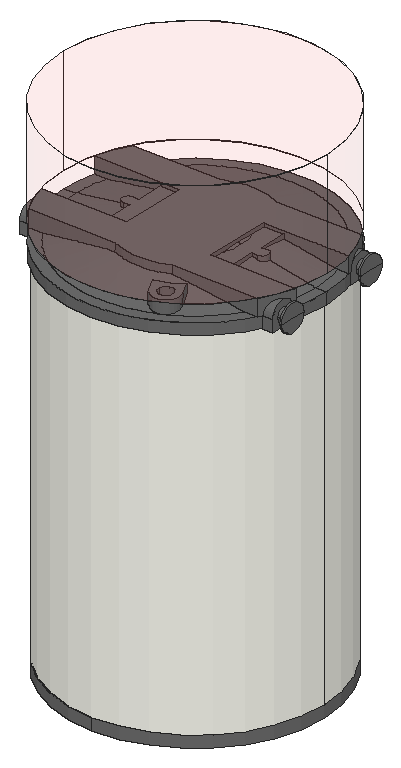
Revit family "Cooling_Plant-Accessories-Calmac-IceBank-Model-1220C2F", category Mechanical Equipment, Revit 2014 (continued)
Definition of nested family "Cooling_Plant_Accessories-Calmac-IceBank-Lid_C"
  Dimensions and locks (in)
    aligned and locked: curve 122 to cut or joined group of Revolve 1, Extrusion 2, Extrusion 4, Extrusion 5
    aligned and locked: curve 123 to cut or joined group of Revolve 1, Extrusion 2, Extrusion 4, Extrusion 5
    aligned and locked: curve 124 to cut or joined group of Revolve 1, Extrusion 2, Extrusion 4, Extrusion 5
    aligned and locked: curve 125 to cut or joined group of Revolve 1, Extrusion 2, Extrusion 4, Extrusion 5
    aligned and locked: curve 126 to cut or joined group of Revolve 1, Extrusion 2, Extrusion 4, Extrusion 5
    aligned and locked: curve 127 to cut or joined group of Revolve 1, Extrusion 2, Extrusion 4, Extrusion 5
    aligned and locked: curve 128 to cut or joined group of Revolve 1, Extrusion 2, Extrusion 4, Extrusion 5
    aligned and locked: curve 129 to cut or joined group of Revolve 1, Extrusion 2, Extrusion 4, Extrusion 5
    aligned and locked: curve 130 to cut or joined group of Revolve 1, Extrusion 2, Extrusion 4, Extrusion 5
    aligned and locked: curve 131 to cut or joined group of Revolve 1, Extrusion 2, Extrusion 4, Extrusion 5
    aligned and locked: curve 132 to cut or joined group of Revolve 1, Extrusion 2, Extrusion 4, Extrusion 5
    aligned and locked: curve 133 to cut or joined group of Revolve 1, Extrusion 2, Extrusion 4, Extrusion 5
    aligned and locked: curve 134 to cut or joined group of Revolve 1, Extrusion 2, Extrusion 4, Extrusion 5
    aligned and locked: curve 135 to cut or joined group of Revolve 1, Extrusion 2, Extrusion 4, Extrusion 5
    aligned and locked: curve 136 to cut or joined group of Revolve 1, Extrusion 2, Extrusion 4, Extrusion 5
    aligned and locked: curve 137 to cut or joined group of Revolve 1, Extrusion 2, Extrusion 4, Extrusion 5
    aligned and locked: curve 138 to cut or joined group of Revolve 1, Extrusion 2, Extrusion 4, Extrusion 5
    aligned and locked: curve 139 to cut or joined group of Revolve 1, Extrusion 2, Extrusion 4, Extrusion 5
    aligned and locked: curve 140 to cut or joined group of Revolve 1, Extrusion 2, Extrusion 4, Extrusion 5
    aligned and locked: curve 141 to cut or joined group of Revolve 1, Extrusion 2, Extrusion 4, Extrusion 5
    aligned and locked: curve 142 to cut or joined group of Revolve 1, Extrusion 2, Extrusion 4, Extrusion 5
    aligned and locked: curve 143 to cut or joined group of Revolve 1, Extrusion 2, Extrusion 4, Extrusion 5
    aligned and locked: curve 144 to cut or joined group of Revolve 1, Extrusion 2, Extrusion 4, Extrusion 5
    aligned and locked: curve 145 to cut or joined group of Revolve 1, Extrusion 2, Extrusion 4, Extrusion 5
    aligned and locked: curve 146 to cut or joined group of Revolve 1, Extrusion 2, Extrusion 4, Extrusion 5
    aligned and locked: curve 147 to cut or joined group of Revolve 1, Extrusion 2, Extrusion 4, Extrusion 5
    aligned and locked: curve 148 to cut or joined group of Revolve 1, Extrusion 2, Extrusion 4, Extrusion 5
    aligned and locked: cut or joined group of Revolve 1, Extrusion 2, Extrusion 4, Extrusion 5 to curve 149
    aligned and locked: curve 150 to cut or joined group of Revolve 1, Extrusion 2, Extrusion 4, Extrusion 5
    aligned and locked: curve 151 to cut or joined group of Revolve 1, Extrusion 2, Extrusion 4, Extrusion 5
    aligned and locked: cut or joined group of Revolve 1, Extrusion 2, Extrusion 4, Extrusion 5 to curve 152
    aligned and locked: curve 153 to cut or joined group of Revolve 1, Extrusion 2, Extrusion 4, Extrusion 5
    aligned and locked: curve 154 to cut or joined group of Revolve 1, Extrusion 2, Extrusion 4, Extrusion 5
    aligned and locked: curve 155 to cut or joined group of Revolve 1, Extrusion 2, Extrusion 4, Extrusion 5
    aligned and locked: curve 156 to cut or joined group of Revolve 1, Extrusion 2, Extrusion 4, Extrusion 5
    aligned and locked: curve 157 to cut or joined group of Revolve 1, Extrusion 2, Extrusion 4, Extrusion 5
    aligned and locked: curve 158 to cut or joined group of Revolve 1, Extrusion 2, Extrusion 4, Extrusion 5
    aligned and locked: curve 159 to cut or joined group of Revolve 1, Extrusion 2, Extrusion 4, Extrusion 5
    aligned and locked: curve 160 to cut or joined group of Revolve 1, Extrusion 2, Extrusion 4, Extrusion 5
    aligned and locked: curve 161 to cut or joined group of Revolve 1, Extrusion 2, Extrusion 4, Extrusion 5
    aligned and locked: curve 162 to cut or joined group of Revolve 1, Extrusion 2, Extrusion 4, Extrusion 5
    aligned and locked: curve 163 to cut or joined group of Revolve 1, Extrusion 2, Extrusion 4, Extrusion 5
    aligned and locked: curve 164 to cut or joined group of Revolve 1, Extrusion 2, Extrusion 4, Extrusion 5
    aligned and locked: curve 127 to curve 165
    aligned and locked: plane 19 "Rigging Front" to curve 166
    aligned and locked: plane 9 "Rigging Back" to curve 166
    aligned and locked: curve 121 to curve 167
    aligned and locked: plane 19 "Rigging Front" to curve 168
    aligned and locked: plane 9 "Rigging Back" to curve 168
    aligned and locked: plane 8 "Piping Back" to curve 167  (x2)
    aligned and locked: Masking region 3 sketch curve to plane 5 "Back Connector Back"
    aligned and locked: Masking region 3 sketch curve to plane 44 "Connection Sleeve Left"
    aligned and locked: plane 45 "Connection Sleeve Right" to Masking region 3 sketch curve
    aligned and locked: plane 15 "Front Connection Front" to Masking region 3 sketch curve
    aligned and locked: curve 169 to cut or joined group of Revolve 1, Extrusion 2, Extrusion 4, Extrusion 5
    aligned and locked: curve 170 to cut or joined group of Revolve 1, Extrusion 2, Extrusion 4, Extrusion 5
    aligned and locked: curve 171 to curve 169
    aligned and locked: curve 172 to curve 170
    aligned and locked: curve 173 to cut or joined group of Revolve 1, Extrusion 2, Extrusion 4, Extrusion 5
    aligned and locked: curve 174 to cut or joined group of Revolve 1, Extrusion 2, Extrusion 4, Extrusion 5
    aligned and locked: curve 175 to cut or joined group of Revolve 1, Extrusion 2, Extrusion 4, Extrusion 5
    aligned and locked: curve 176 to cut or joined group of Revolve 1, Extrusion 2, Extrusion 4, Extrusion 5
    aligned and locked: curve 177 to cut or joined group of Revolve 1, Extrusion 2, Extrusion 4, Extrusion 5
    aligned and locked: curve 178 to cut or joined group of Revolve 1, Extrusion 2, Extrusion 4, Extrusion 5
    aligned and locked: curve 179 to cut or joined group of Revolve 1, Extrusion 2, Extrusion 4, Extrusion 5
    aligned and locked: curve 180 to cut or joined group of Revolve 1, Extrusion 2, Extrusion 4, Extrusion 5
    aligned and locked: cut or joined group of Revolve 1, Extrusion 2, Extrusion 4, Extrusion 5 to curve 181
    aligned and locked: curve 182 to cut or joined group of Revolve 1, Extrusion 2, Extrusion 4, Extrusion 5
    aligned and locked: curve 183 to cut or joined group of Revolve 1, Extrusion 2, Extrusion 4, Extrusion 5
    aligned and locked: curve 184 to cut or joined group of Revolve 1, Extrusion 2, Extrusion 4, Extrusion 5
    aligned and locked: curve 185 to cut or joined group of Revolve 1, Extrusion 2, Extrusion 4, Extrusion 5
    aligned and locked: curve 186 to cut or joined group of Revolve 1, Extrusion 2, Extrusion 4, Extrusion 5
    aligned and locked: curve 187 to cut or joined group of Revolve 1, Extrusion 2, Extrusion 4, Extrusion 5
    aligned and locked: curve 188 to cut or joined group of Revolve 1, Extrusion 2, Extrusion 4, Extrusion 5
    aligned and locked: curve 189 to cut or joined group of Revolve 1, Extrusion 2, Extrusion 4, Extrusion 5
    aligned and locked: curve 190 to cut or joined group of Revolve 1, Extrusion 2, Extrusion 4, Extrusion 5
    aligned and locked: cut or joined group of Revolve 1, Extrusion 2, Extrusion 4, Extrusion 5 to curve 191
    aligned and locked: cut or joined group of Revolve 1, Extrusion 2, Extrusion 4, Extrusion 5 to curve 192
    aligned and locked: cut or joined group of Revolve 1, Extrusion 2, Extrusion 4, Extrusion 5 to curve 193
    aligned and locked: cut or joined group of Revolve 1, Extrusion 2, Extrusion 4, Extrusion 5 to curve 194
    aligned and locked: curve 195 to cut or joined group of Revolve 1, Extrusion 2, Extrusion 4, Extrusion 5
    aligned and locked: cut or joined group of Revolve 1, Extrusion 2, Extrusion 4, Extrusion 5 to curve 196
    aligned and locked: curve 197 to cut or joined group of Revolve 1, Extrusion 2, Extrusion 4, Extrusion 5
    aligned and locked: cut or joined group of Revolve 1, Extrusion 2, Extrusion 4, Extrusion 5 to curve 198
    aligned and locked: plane 6 "Back Connector Center" to nested 4
    aligned and locked: nested 4 to plane 44 "Connection Sleeve Left"
    aligned and locked: nested 1 to plane 6 "Back Connector Center"
    aligned and locked: nested 1 to plane 45 "Connection Sleeve Right"
    aligned and locked: plane 16 "Fron Connector Center" to nested 2
    aligned and locked: nested 2 to plane 45 "Connection Sleeve Right"
    aligned and locked: nested 3 to plane 16 "Fron Connector Center"
    aligned and locked: nested 3 to plane 44 "Connection Sleeve Left"
    aligned and locked: plane 2 "Bottom" to curve 201
    aligned and locked: plane 1 "Center (Front/Back)" to curve 201
    aligned and locked: plane 3 "Center (Left/Right)" to nested 5
    aligned and locked: plane 1 "Center (Front/Back)" to nested 5
    aligned: plane 54 "Top of Clearance Box" to nested 5
    aligned: plane 55 "Top" to nested 5  (x4)
    aligned and locked: Masking region 1 to plane 55 "Top"
    aligned and locked: plane 57 "Center (Elevation)" to Extrusion 3 sketch curve  (x4)
    aligned and locked: plane 7 "Back Connector Front" to Extrusion 3 sketch curve
    aligned and locked: plane 55 "Top" to cut or joined group of Revolve 1, Extrusion 2, Extrusion 4, Extrusion 5
    aligned and locked: plane 57 "Center (Elevation)" to curve 172
    aligned and locked: cut or joined group of Revolve 1, Extrusion 2, Extrusion 4, Extrusion 5 to plane 57 "Center (Elevation)"
    aligned: plane 57 "Center (Elevation)" to nested 1  (x2)
    aligned: plane 57 "Center (Elevation)" to nested 2  (x2)
    aligned and locked: plane 57 "Center (Elevation)" to cut or joined group of Revolve 1, Extrusion 2, Extrusion 4, Extrusion 5  (x5)
    aligned and locked: curve 171 to plane 57 "Center (Elevation)"
    aligned: plane 57 "Center (Elevation)" to nested 3
    aligned and locked: curve 120 to plane 56 "Connector Channel Top"
    aligned and locked: curve 114 to plane 56 "Connector Channel Top"
    aligned: Masking region 2 to plane 55 "Top"
    aligned: plane 56 "Connector Channel Top" to Masking region 2
    aligned and locked: plane 21 "Top Front Edge" to Masking region 2
    aligned and locked: plane 58 "Front Inset 2" to Masking region 2
    aligned and locked: plane 57 "Center (Elevation)" to curve 78
    aligned and locked: curve 173 to plane 57 "Center (Elevation)"
    aligned and locked: curve 77 to plane 8 "Piping Back"
    aligned and locked: plane 9 "Rigging Back" to curve 86
    aligned and locked: plane 19 "Rigging Front" to curve 80
    aligned and locked: curve 95 to plane 18 "Piping Front"
    aligned and locked: curve 84 to plane 10 "Rigging Loop Back"
    aligned and locked: curve 82 to plane 20 "Rigging Loop Front"
    aligned and locked: cut or joined group of Revolve 1, Extrusion 2, Extrusion 4, Extrusion 5 to plane 56 "Connector Channel Top"
    aligned and locked: nested 5 to plane 54 "Top of Clearance Box"
    aligned and locked: plane 57 "Center (Elevation)" to nested 1
    aligned and locked: plane 57 "Center (Elevation)" to nested 2
    aligned and locked: plane 57 "Center (Elevation)" to nested 3
    aligned and locked: plane 55 "Top" to nested 5  (x6)
    aligned and locked: plane 54 "Top of Clearance Box" to nested 5  (x4)
    aligned and locked: Masking region 2 sketch curve to plane 55 "Top"
    aligned and locked: plane 56 "Connector Channel Top" to Masking region 2 sketch curve
    aligned and locked: curve 202 to curve 187
    aligned and locked: curve 203 to curve 186
    aligned and locked: curve 204 to curve 185
    aligned and locked: curve 205 to curve 184
    aligned and locked: curve 206 to curve 183
    aligned and locked: curve 207 to curve 182
    aligned and locked: curve 208 to curve 181
    aligned and locked: curve 209 to curve 180
    aligned and locked: curve 210 to curve 179
    aligned and locked: curve 211 to curve 190
    aligned and locked: curve 212 to curve 189
    aligned and locked: curve 213 to curve 188
    aligned and locked: curve 214 to curve 172
    aligned and locked: curve 215 to curve 171
  Automatic sketch dimensions
    Extrusion 4 sketch curve to Extrusion 4 sketch curve = 0"
    Extrusion 5 sketch curve to plane 9 "Rigging Back" = 0"
    Extrusion 2 sketch curve to Extrusion 2 sketch curve = 0"  (x5)
    Extrusion 2 sketch curve to plane 35 "Top Left" = 0"
    Extrusion 2 sketch curve to plane 3 "Center (Left/Right)" = 0"
    Extrusion 2 sketch curve to plane 9 "Rigging Back" = 0"
    plane 30 "Left Lip Inset" to Extrusion 2 sketch curve = 1.96722"  (x2)
    plane 38 "Lid Inset Right" to Extrusion 2 sketch curve = 1.96722"  (x2)
    Extrusion 2 sketch curve to plane 20 "Rigging Loop Front" = 0.60261"
    Extrusion 2 sketch curve to plane 10 "Rigging Loop Back" = 0.60261"
    Masking region 2 sketch curve to plane 27 "Pad Eye Front Center" = 0.69072"
    Masking region 3 sketch curve to Masking region 3 sketch curve = 0"  (x7)
    Masking region 3 sketch curve to plane 5 "Back Connector Back" = 0"
    plane 15 "Front Connection Front" to Masking region 3 sketch curve = 0"
    Masking region 3 sketch curve to plane 43 "Top Right" = 29.61091"
    Masking region 3 sketch curve to plane 45 "Connection Sleeve Right" = 0"
    plane 38 "Lid Inset Right" to Masking region 3 sketch curve = 1.34348"
    Revolve 1 sketch curve to Revolve 1 sketch curve = 3 3/4"
    Revolve 1 sketch curve to Revolve 1 sketch curve = 9"
    Revolve 1 sketch curve to Revolve 1 sketch curve = 0"
    Masking region 1 sketch curve to Masking region 1 sketch curve = 9 1/4"
    Masking region 2 sketch curve to plane 22 "Front Inset" = 0"
    Masking region 2 sketch curve to Masking region 2 sketch curve = 3 3/4"
    Masking region 2 sketch curve to Masking region 2 sketch curve = 0.64281"
    level to Masking region 2 sketch curve = 6.26888"
    level to Masking region 2 sketch curve = 6.54801"
    Masking region 2 sketch curve to Masking region 2 sketch curve = 0.27913"
    Masking region 2 sketch curve to Masking region 2 sketch curve = 3.60719"
    curve 97 to level = 0"
    curve 97 to plane 44 "Connection Sleeve Left" = 0"
    curve 119 to plane 57 "Center (Elevation)" = 0"
    curve 119 to level = 0"
    curve 100 to plane 50 "Top Left Inset" = 0"
    curve 99 to plane 3 "Center (Left/Right)" = 0"
    curve 101 to plane 56 "Connector Channel Top" = 0"
    plane 43 "Top Right" to curve 103 = 0"
    plane 51 "Top Right Inset" to curve 110 = 0"
    curve 116 to plane 57 "Center (Elevation)" = 0"
    plane 45 "Connection Sleeve Right" to curve 114 = 0"
    curve 111 to level = 0"
    curve 100 to plane 55 "Top" = 0"
    curve 110 to plane 55 "Top" = 0"
    plane 44 "Connection Sleeve Left" to curve 117 = 0.88726"
    curve 117 to plane 30 "Left Lip Inset" = 0.835"
    curve 117 to plane 50 "Top Left Inset" = 0.71316"
    curve 119 to curve 98 = 0.55915"
    plane 50 "Top Left Inset" to curve 115 = 4.45635"
    curve 99 to plane 32 "Left Rigging Loop Inset" = 1.17979"
    plane 35 "Top Left" to curve 99 = 0"
    plane 43 "Top Right" to curve 99 = 0.20898"
    plane 57 "Center (Elevation)" to curve 106 = 0.73854"
    curve 106 to plane 43 "Top Right" = 2.02375"
    plane 46 "Right Center" to curve 106 = 0.99812"
    plane 46 "Right Center" to curve 106 = 0.88046"
    curve 108 to plane 46 "Right Center" = 0.34333"
    plane 41 "Right Rigging Loop Left" to curve 107 = 0.48196"
    curve 107 to curve 107 = 0.0769"
    plane 41 "Right Rigging Loop Left" to curve 102 = 0.25712"
    curve 109 to curve 98 = 5.53004"
    curve 116 to plane 51 "Top Right Inset" = 0.55915"
    curve 112 to plane 51 "Top Right Inset" = 0.71316"
    curve 114 to plane 38 "Lid Inset Right" = 0.835"
    plane 45 "Connection Sleeve Right" to curve 112 = 0.88726"
    plane 57 "Center (Elevation)" to curve 107 = 0.21408"
    plane 57 "Center (Elevation)" to curve 101 = 1.59188"
    plane 57 "Center (Elevation)" to curve 112 = 1.76036"
    plane 57 "Center (Elevation)" to curve 118 = 1.76036"
    curve 104 to curve 109 = 1.3737"
    curve 101 to curve 99 = 1.22618"
    level to curve 115 = 6.56901"
    curve 198 to plane 18 "Piping Front" = 0"
    curve 198 to plane 57 "Center (Elevation)" = 0"
    curve 198 to plane 55 "Top" = 0"
    curve 197 to plane 57 "Center (Elevation)" = 0.14855"
    curve 197 to plane 8 "Piping Back" = 0"
    curve 197 to plane 55 "Top" = 0"
    curve 196 to plane 18 "Piping Front" = 0"
    curve 195 to plane 8 "Piping Back" = 0"
    curve 195 to plane 57 "Center (Elevation)" = 0"
    curve 195 to plane 55 "Top" = 0"
    curve 196 to plane 57 "Center (Elevation)" = 0"
    curve 196 to plane 55 "Top" = 0.21345"
    curve 122 to curve 126 = 0"  (x2)
    curve 122 to curve 130 = 0"  (x2)
    curve 122 to curve 134 = 0"  (x2)
    curve 122 to curve 140 = 0"  (x2)
    curve 122 to curve 141 = 0"
    curve 122 to curve 155 = 0"
    curve 122 to curve 156 = 0"  (x2)
    curve 122 to curve 166 = 0"  (x2)
    curve 122 to curve 168 = 0"  (x2)
    curve 122 to curve 171 = 0"  (x2)
    curve 122 to curve 173 = 0"  (x2)
    curve 122 to curve 174 = 0"  (x2)
    curve 122 to curve 175 = 0"  (x2)
    curve 122 to curve 176 = 0"
    curve 122 to curve 177 = 0"  (x2)
    curve 122 to curve 178 = 0"
    curve 128 to curve 186 = 0"  (x2)
    curve 136 to curve 180 = 0"
    curve 161 to curve 163 = 0"
    curve 161 to curve 164 = 0"
    curve 133 to plane 52 "Right Side Chanel" = 0"
    curve 131 to plane 52 "Right Side Chanel" = 0"
    curve 178 to plane 38 "Lid Inset Right" = 0"
    plane 20 "Rigging Loop Front" to curve 145 = 0"
    plane 1 "Center (Front/Back)" to curve 146 = 0"
    curve 143 to plane 41 "Right Rigging Loop Left" = 0"
    curve 147 to plane 41 "Right Rigging Loop Left" = 0"
    curve 189 to plane 42 "Right Rigging Left" = 0"
    curve 128 to plane 43 "Top Right" = 0"
    curve 135 to plane 43 "Top Right" = 0"
    plane 18 "Piping Front" to curve 186 = 0"
    curve 186 to plane 43 "Top Right" = 0"
    curve 165 to plane 3 "Center (Left/Right)" = 0"
    curve 186 to plane 3 "Center (Left/Right)" = 0"
    curve 180 to plane 3 "Center (Left/Right)" = 0"
    curve 167 to plane 3 "Center (Left/Right)" = 0"
    plane 18 "Piping Front" to curve 127 = 0"
    curve 123 to plane 34 "Left Rigging Right" = 0"
    curve 153 to plane 33 "Left Rigging Loop Right" = 0"
    curve 158 to plane 33 "Left Rigging Loop Right" = 0"
    curve 150 to plane 10 "Rigging Loop Back" = 0"
    plane 1 "Center (Front/Back)" to curve 150 = 0"
    curve 122 to plane 50 "Top Left Inset" = 0"
    curve 126 to plane 50 "Top Left Inset" = 0"
    curve 176 to plane 30 "Left Lip Inset" = 0"
    curve 168 to curve 178 = 0"
    curve 130 to curve 174 = 4.45635"
    curve 165 to curve 174 = 0"
    plane 51 "Top Right Inset" to curve 173 = 4.45635"
    curve 167 to curve 173 = 0"
    curve 145 to plane 40 "Right Rigging Loop Inset" = 1.25367"
    curve 161 to plane 24 "Pad Eye Back Left Offset" = 0.24397"
    plane 41 "Right Rigging Loop Left" to curve 161 = 0.73123"
    curve 163 to plane 46 "Right Center" = 0.40154"
    plane 46 "Right Center" to curve 162 = 0.11395"
    curve 161 to plane 42 "Right Rigging Left" = 1.55753"
    curve 141 to plane 42 "Right Rigging Left" = 1.24396"
    plane 25 "Pad Eye Hole" to curve 161 = 0.41045"
    plane 42 "Right Rigging Left" to curve 161 = 2.62837"
    plane 26 "Pad Eye Back Left" to curve 160 = 0.04987"
    plane 43 "Top Right" to curve 160 = 0.20898"
    plane 43 "Top Right" to curve 179 = 0.88239"
    plane 1 "Center (Front/Back)" to curve 159 = 0.00093"
    plane 3 "Center (Left/Right)" to curve 159 = 0.00344"
    curve 156 to plane 34 "Left Rigging Right" = 1.24396"
    curve 150 to plane 32 "Left Rigging Loop Inset" = 1.24992"
    curve 166 to curve 175 = 0"
    curve 180 to plane 10 "Rigging Loop Back" = 0.60261"
    curve 167 to plane 1 "Center (Front/Back)" = 0.00493"
    curve 159 to curve 165 = 0.03088"
    curve 128 to plane 20 "Rigging Loop Front" = 0.60261"
    curve 194 to plane 19 "Rigging Front" = 0"
    curve 193 to plane 9 "Rigging Back" = 0"
    curve 194 to plane 57 "Center (Elevation)" = 0"
    curve 193 to plane 57 "Center (Elevation)" = 0"
    curve 194 to plane 55 "Top" = 0"
    curve 193 to plane 55 "Top" = 0"
    curve 192 to plane 57 "Center (Elevation)" = 0"
    curve 192 to plane 55 "Top" = 0"
    curve 191 to plane 9 "Rigging Back" = 0"
    curve 191 to plane 57 "Center (Elevation)" = 0"
    curve 191 to plane 55 "Top" = 0"
    curve 192 to plane 19 "Rigging Front" = 0"
    curve 92 to plane 21 "Top Front Edge" = 0"
    curve 76 to plane 11 "Top Back Edge" = 0"
    curve 78 to plane 12 "Back Inset" = 0"
    level to curve 74 = 0"
    level to curve 89 = 0"
    level to curve 90 = 0"
    level to curve 75 = 0"
    plane 56 "Connector Channel Top" to curve 81 = 0"
    plane 56 "Connector Channel Top" to curve 85 = 0"
    curve 80 to plane 55 "Top" = 0"
    curve 77 to plane 55 "Top" = 0"
    curve 201 to plane 55 "Top" = 0"
    curve 86 to plane 55 "Top" = 0"
    curve 95 to plane 55 "Top" = 0"
    plane 23 "Pad Eye Back Right" to curve 91 = 0.21387"
    curve 91 to plane 58 "Front Inset 2" = 0.00052"
    plane 22 "Front Inset" to curve 96 = 0.00227"
    plane 18 "Piping Front" to curve 92 = 0.02422"
    curve 93 to plane 20 "Rigging Loop Front" = 0.00136"
    plane 1 "Center (Front/Back)" to curve 94 = 0.0138"
    plane 1 "Center (Front/Back)" to curve 94 = 0.00177"
    curve 93 to plane 1 "Center (Front/Back)" = 0.01386"
    curve 94 to plane 10 "Rigging Loop Back" = 0.00136"
    curve 76 to plane 8 "Piping Back" = 0.00969"
    plane 56 "Connector Channel Top" to curve 93 = 1.56605"
    plane 56 "Connector Channel Top" to curve 76 = 1.45199"
    plane 56 "Connector Channel Top" to curve 92 = 1.45199"
    curve 94 to curve 93 = 0.32132"
    curve 94 to curve 83 = 0.34177"
    curve 94 to curve 84 = 0.00054"
    curve 94 to curve 94 = 0.00054"
    curve 82 to curve 93 = 0.00002"
    curve 93 to curve 93 = 0.00002"
    curve 16 to curve 167 = 1.61517"
    curve 18 to curve 18 = 0.6236"
    curve 17 to plane 11 "Top Back Edge" = 1.60052"
    curve 18 to curve 17 = 0.6236"
    curve 18 to curve 16 = 1.56427"
    curve 16 to curve 17 = 1.24719"
    curve 18 to curve 17 = 0.78196"
    curve 17 to curve 17 = 1.24746"
    curve 16 to curve 17 = 1.56393"
    curve 15 to plane 31 "Left Rigging Loop Left" = 0.92879"
    curve 15 to curve 15 = 0.78196"
    curve 15 to curve 13 = 1.24746"
    curve 15 to curve 14 = 0.78196"
    curve 13 to curve 14 = 1.56393"
    curve 14 to curve 16 = 5.29454"
    curve 15 to curve 14 = 0.6236"
    curve 14 to curve 14 = 1.56427"
    curve 13 to curve 14 = 1.24719"
    plane 1 "Center (Front/Back)" to curve 60 = 0"
    curve 1 to plane 47 "Bolt Inset Right" = 0"
    curve 41 to plane 14 "Front" = 0"
    curve 41 to plane 47 "Bolt Inset Right" = 0"
    curve 42 to plane 3 "Center (Left/Right)" = 0"
    curve 2 to plane 48 "Bolt Inset Left" = 0"
    plane 1 "Center (Front/Back)" to curve 24 = 0"
    plane 4 "Back" to curve 2 = 0"
    plane 4 "Back" to curve 1 = 0"
    plane 49 "Bolt Inset Center" to curve 3 = 0"
    curve 40 to plane 14 "Front" = 0"
    curve 58 to plane 37 "Right" = 0.00227"
    curve 59 to plane 37 "Right" = 0.00227"
    curve 61 to plane 52 "Right Side Chanel" = 0.5656"
    curve 56 to plane 52 "Right Side Chanel" = 0.5656"
    curve 55 to plane 52 "Right Side Chanel" = 0.12048"
    curve 62 to plane 52 "Right Side Chanel" = 0.12048"
    plane 45 "Connection Sleeve Right" to curve 60 = 0.26851"
    curve 56 to plane 38 "Lid Inset Right" = 0.97814"
    curve 63 to plane 38 "Lid Inset Right" = 0.97814"
    curve 63 to plane 38 "Lid Inset Right" = 0.75558"
    curve 57 to plane 38 "Lid Inset Right" = 0.75558"
    curve 62 to plane 38 "Lid Inset Right" = 0.53302"
    curve 55 to plane 38 "Lid Inset Right" = 0.53302"
    curve 53 to plane 23 "Pad Eye Back Right" = 1.03206"
    plane 51 "Top Right Inset" to curve 53 = 3.26006"
    plane 51 "Top Right Inset" to curve 64 = 3.26006"
    plane 26 "Pad Eye Back Left" to curve 52 = 1.31658"
    curve 53 to curve 52 = 1.24719"
    curve 64 to curve 65 = 1.24719"
    curve 64 to curve 66 = 1.56427"
    curve 64 to plane 11 "Top Back Edge" = 1.60052"
    plane 23 "Pad Eye Back Right" to curve 53 = 0.21541"
    curve 53 to curve 53 = 1.56427"
    curve 53 to curve 54 = 0.6236"
    curve 66 to curve 66 = 0.6236"  (x2)
    curve 54 to curve 52 = 0.6236"
    curve 67 to plane 39 "Right Rigging Loop Right" = 3.74019"
    plane 25 "Pad Eye Hole" to curve 50 = 0.6295"
    curve 50 to plane 39 "Right Rigging Loop Right" = 3.74019"
    curve 67 to curve 67 = 1.24746"
    curve 50 to curve 50 = 1.24746"
    curve 49 to plane 25 "Pad Eye Hole" = 0.61769"
    curve 50 to curve 49 = 1.56393"
    curve 67 to curve 68 = 1.56393"
    curve 69 to curve 69 = 0.78196"
    curve 50 to curve 51 = 0.78196"
    curve 49 to plane 39 "Right Rigging Loop Right" = 0.92879"
    curve 69 to plane 39 "Right Rigging Loop Right" = 0.92879"
    plane 41 "Right Rigging Loop Left" to curve 47 = 0.54143"
    plane 41 "Right Rigging Loop Left" to curve 70 = 0.54143"
    plane 41 "Right Rigging Loop Left" to curve 48 = 1.40954"
    plane 41 "Right Rigging Loop Left" to curve 72 = 1.40954"
    curve 72 to plane 46 "Right Center" = 0.53926"
    curve 48 to plane 46 "Right Center" = 0.53926"
    plane 22 "Front Inset" to curve 46 = 0.13961"
    curve 46 to plane 46 "Right Center" = 0.50624"
    plane 12 "Back Inset" to curve 71 = 0.13961"
    curve 71 to plane 46 "Right Center" = 0.50624"
    plane 46 "Right Center" to curve 48 = 0.36187"
    plane 46 "Right Center" to curve 72 = 0.36187"
    curve 4 to plane 43 "Top Right" = 1.29276"
    curve 44 to plane 43 "Top Right" = 1.29276"
    curve 45 to plane 43 "Top Right" = 0.84755"
    plane 13 "Back Bolt Front" to curve 6 = 0.28224"
    curve 6 to plane 43 "Top Right" = 0.84755"
    plane 43 "Top Right" to curve 45 = 0.12755"
    plane 13 "Back Bolt Front" to curve 6 = 0.05968"
    plane 43 "Top Right" to curve 6 = 0.12755"
    plane 43 "Top Right" to curve 43 = 0.65743"
    plane 43 "Top Right" to curve 5 = 0.65743"
    curve 45 to curve 43 = 0.97509"
    curve 5 to plane 13 "Back Bolt Front" = 0.16288"
    curve 9 to plane 13 "Back Bolt Front" = 0.16288"
    plane 35 "Top Left" to curve 9 = 1.10264"
    plane 35 "Top Left" to curve 38 = 1.10264"
    plane 35 "Top Left" to curve 38 = 0.65743"
    plane 35 "Top Left" to curve 7 = 0.65743"
    plane 35 "Top Left" to curve 39 = 0.12755"
    plane 13 "Back Bolt Front" to curve 9 = 0.05968"
    plane 35 "Top Left" to curve 9 = 0.12755"
    curve 39 to plane 22 "Front Inset" = 0.53076"
    curve 39 to plane 35 "Top Left" = 0.84755"
    plane 13 "Back Bolt Front" to curve 8 = 0.28224"
    curve 8 to plane 35 "Top Left" = 1.29276"
    curve 37 to plane 35 "Top Left" = 1.29276"
    plane 33 "Left Rigging Loop Right" to curve 36 = 3.21178"
    plane 33 "Left Rigging Loop Right" to curve 12 = 3.21178"
    plane 12 "Back Inset" to curve 10 = 0.13961"
    curve 10 to curve 10 = 0.8681"
    plane 22 "Front Inset" to curve 35 = 0.13961"
    curve 36 to curve 35 = 0.8681"
    curve 12 to curve 12 = 0.90112"
    curve 35 to curve 36 = 0.90112"
    curve 12 to curve 11 = 0.90112"
    curve 36 to plane 58 "Front Inset 2" = 0.83541"
    curve 36 to curve 36 = 0.90112"
    plane 33 "Left Rigging Loop Right" to curve 11 = 0.54143"
    plane 33 "Left Rigging Loop Right" to curve 34 = 0.54143"
    curve 32 to plane 31 "Left Rigging Loop Left" = 0.92879"
    curve 32 to curve 33 = 0.78196"
    curve 32 to plane 25 "Pad Eye Hole" = 0.61769"
    curve 33 to curve 32 = 1.24746"
    curve 33 to curve 33 = 0.78196"
    plane 25 "Pad Eye Hole" to curve 31 = 0.6295"
    curve 32 to curve 31 = 1.56393"
    curve 30 to curve 165 = 1.61517"
    curve 29 to plane 23 "Pad Eye Back Right" = 1.34852"
    curve 29 to curve 30 = 0.6236"
    plane 23 "Pad Eye Back Right" to curve 28 = 0.21541"
    curve 30 to curve 28 = 0.6236"
    plane 26 "Pad Eye Back Left" to curve 29 = 1.31658"
    curve 30 to curve 29 = 1.56427"
    curve 28 to plane 23 "Pad Eye Back Right" = 1.03206"
    curve 29 to curve 28 = 1.24719"
    curve 19 to plane 30 "Left Lip Inset" = 0.53302"
    curve 27 to plane 30 "Left Lip Inset" = 0.53302"
    curve 21 to plane 30 "Left Lip Inset" = 0.75558"
    curve 27 to plane 30 "Left Lip Inset" = 0.75558"
    curve 20 to plane 30 "Left Lip Inset" = 0.97814"
    curve 27 to plane 30 "Left Lip Inset" = 0.97814"
    plane 44 "Connection Sleeve Left" to curve 23 = 0.26851"
    curve 26 to plane 53 "Left Side Channel" = 0.12048"
    curve 19 to plane 53 "Left Side Channel" = 0.12048"
    curve 20 to plane 53 "Left Side Channel" = 0.5656"
    curve 25 to plane 53 "Left Side Channel" = 0.5656"
    curve 22 to plane 29 "Left" = 0.00227"
    curve 23 to plane 29 "Left" = 0.00227"
    plane 4 "Back" to curve 5 = 0.88851"
    plane 4 "Back" to curve 7 = 0.88851"
    curve 8 to plane 49 "Bolt Inset Center" = 0.66715"
    curve 4 to plane 49 "Bolt Inset Center" = 0.66715"
    plane 12 "Back Inset" to curve 11 = 1.00752"
    plane 12 "Back Inset" to curve 70 = 1.00752"
    plane 12 "Back Inset" to curve 10 = 1.94225"
    plane 12 "Back Inset" to curve 71 = 1.94225"
    curve 12 to curve 12 = 0.43396"
    curve 71 to curve 72 = 0.43396"
    plane 12 "Back Inset" to curve 68 = 5.22954"
    curve 68 to curve 67 = 1.24719"
    curve 68 to curve 68 = 1.56427"
    curve 68 to curve 69 = 0.6236"
    curve 65 to curve 64 = 2.81139"
    curve 65 to curve 64 = 1.56393"
    curve 65 to curve 66 = 0.78196"
    curve 19 to plane 9 "Rigging Back" = 0.41389"
    curve 62 to plane 9 "Rigging Back" = 0.41389"
    curve 21 to plane 9 "Rigging Back" = 0.85911"
    curve 62 to plane 9 "Rigging Back" = 0.85911"
    curve 62 to curve 63 = 0.97509"
    curve 21 to curve 21 = 0.97509"
    curve 62 to curve 61 = 1.95019"
    curve 19 to curve 20 = 1.95019"
    curve 59 to plane 10 "Rigging Loop Back" = 0.99983"
    curve 24 to plane 10 "Rigging Loop Back" = 0.99983"
    curve 25 to plane 19 "Rigging Front" = 2.80929"
    curve 56 to plane 19 "Rigging Front" = 2.80929"
    curve 57 to curve 56 = 0.44521"
    curve 25 to curve 25 = 0.44521"
    curve 56 to curve 57 = 0.97509"
    curve 27 to curve 27 = 0.97509"
    curve 26 to plane 19 "Rigging Front" = 0.41389"
    curve 55 to plane 19 "Rigging Front" = 0.41389"
    curve 54 to plane 23 "Pad Eye Back Right" = 0.56656"
    curve 33 to curve 31 = 1.56427"
    curve 51 to curve 50 = 1.56427"
    curve 50 to curve 51 = 0.6236"
    curve 33 to curve 33 = 0.6236"
    curve 48 to plane 58 "Front Inset 2" = 0.83541"
    curve 36 to curve 36 = 0.43396"
    curve 47 to curve 48 = 0.43396"
    plane 22 "Front Inset" to curve 47 = 1.00752"
    plane 22 "Front Inset" to curve 34 = 1.00752"
    curve 44 to plane 22 "Front Inset" = 0.53076"
    curve 39 to plane 22 "Front Inset" = 0.75332"
    curve 45 to plane 22 "Front Inset" = 0.75332"
    curve 40 to plane 22 "Front Inset" = 1.81422"
    plane 14 "Front" to curve 44 = 1.33363"
    plane 14 "Front" to curve 37 = 1.33363"
    plane 14 "Front" to curve 43 = 0.88851"
    plane 14 "Front" to curve 38 = 0.88851"
    curve 200 to plane 3 "Center (Left/Right)" = 0"
    curve 210 to curve 209 = 0.88239"
    curve 199 to plane 37 "Right" = 0"
    plane 1 "Center (Front/Back)" to curve 199 = 0"
    curve 199 to plane 29 "Left" = 0"
    curve 214 to curve 216 = 0"  (x2)
    curve 214 to curve 217 = 0"  (x2)
    curve 202 to plane 51 "Top Right Inset" = 0"
    plane 14 "Front" to curve 200 = 0.00227"
    curve 207 to plane 53 "Left Side Channel" = 0"
    plane 4 "Back" to curve 200 = 0.00227"
  Nested families (in)
    nested 1: "Cooling_Plant_Accessories-Calmac-IceBank-4-Inch Flanged Connection" at (42.58273, 16.5, 3.75), Pipe Material <- "Pipe Material", visible <- "Is Back Right Flanged Connector Visibility", type <- "Connections Front", type "Flange"
      with Pipe Material Plastic- Calmac- Black
    nested 2: "Cooling_Plant_Accessories-Calmac-IceBank-4-Inch Flanged Connection" at (42.58273, -16.5, 3.75), Pipe Material <- "Pipe Material", visible <- "Is Front Right  Flanged Connector Visibility", type <- "Connections Front", type "Flange"
      with Pipe Material Plastic- Calmac- Black
    nested 3: "Cooling_Plant_Accessories-Calmac-IceBank-4-Inch Flanged Connection" at (-42.58273, -16.5, 3.75) x (-1, 0, 0) z (0, 0, 1), Pipe Material <- "Pipe Material", visible <- "Is Front Left  Flanged Connector Visibility", type <- "Connections Rear", type "Flange"
      with Pipe Material Plastic- Calmac- Black
    nested 4: "Cooling_Plant_Accessories-Calmac-IceBank-4-Inch Flanged Connection" at (-42.58273, 16.5, 3.75) x (-1, 0, 0) z (0, 0, 1), Pipe Material <- "Pipe Material", visible <- "Is Back Left  Flanged Connector Visibility", type <- "Connections Rear", type "Flange"
      with Pipe Material Plastic- Calmac- Black
    nested 5: "Cooling_Plant_Accessories-Calmac-IceBankClearance Box" at (0, 0, 15.25), CTRL Radius <- "CTRL Radius", visible <- "Is Clearance Box Visible", type "Include Clearance"
      with Width 88 5/8", Height 36", Depth 88 5/8", CTRL Radius 44 5/16"
  Definition of nested family "Cooling_Plant_Accessories-Calmac-IceBank-4-Inch Flanged Connection"
    Parameters (values of type "Flange")
      Pipe Material [instance] = none
      No Flange = not(Has Flange)  # no
      Has Flange = yes
    Types (3): name | No Flange | Has Flange
      (no name) | no | yes
      Flange | no | yes
      No Flange | yes | no
    Reference planes (in)
      plane 1 "Center (Front/Back)": y = 0
      plane 2 "Center (Elevation)": z = 0
      plane 3 "Center (Left/Right)": x = 0
      plane 4 "Back": y = 4.5
      plane 5 "Back Face": x = 2.79297
      plane 6 "Base Back": y = 2.25
      plane 7 "Fase Back": y = 3
      plane 8 "Front": y = -4.5
      plane 9 "Base Front": y = -2.25
      plane 10 "Face Front": y = -3
      plane 11 "Face": x = 3.41797
      plane 12 "T.O. Flange": z = 4.5
      plane 13 "T.O. Pipe": z = 2.25
      plane 14 "B.O. Flange": z = -4.5
      plane 15 "B.O. Pipe": z = -2.25
    Forms (in)
      Revolve 1, solid, material <- "Pipe Material", visible <- "Has Flange", detail levels fine
        sketch origin (0, 0, 0) x (1, 0, 0) y (0, 1, 0)
          loop
            line (0, 2.25) -> (0, 0) -> (3.41797, 0) -> (3.41797, 4.5) -> (2.79297, 4.5) -> (2.79297, 2.25) -> (0, 2.25)
          axis (0, 0) -> (3.41797, 0)
        angle from 0 to 360
      Extrusion 2, solid, material <- "Pipe Material", visible <- "No Flange", detail levels fine
        sketch origin (3.41797, 0, 0) x (0, 1, 0) y (0, 0, 1)
          loop
            circle (0, 0) r 2.25
        from -3.41797 to 0
    Lines and regions (in)
      Masking region 1, detail levels fine
        outline origin (0, 0, 0) x (0, 1, 0) y (0, 0, 1)
          loop
            circle (0, 0) r 4.5
      Masking region 2, visible <- "Has Flange", detail levels fine
        outline origin (0, 0, 0) x (1, 0, 0) y (0, 0, 1)
          loop
            line (3.41797, 4.5) -> (2.79297, 4.5) -> (2.79297, 2.25) -> (0, 2.25) -> (0, -2.25) -> (2.79297, -2.25) -> (2.79297, -4.5) -> (3.41797, -4.5) -> (3.41797, 4.5)
      Masking region 3, visible <- "Has Flange", detail levels fine
        outline origin (0, 0, 0) x (1, 0, 0) y (0, 1, 0)
          loop
            line (0, 2.25) -> (0, -2.25) -> (2.79297, -2.25) -> (2.79297, -4.5) -> (3.41797, -4.5) -> (3.41797, 4.5) -> (2.79297, 4.5) -> (2.79297, 2.25) -> (0, 2.25)
      Masking region 4, visible <- "No Flange", detail levels fine
        outline origin (0, 0, 0) x (1, 0, 0) y (0, 1, 0)
          loop
            line (0, 2.25) -> (0, -2.25) -> (3.41797, -2.25) -> (3.41797, 2.25) -> (0, 2.25)
      Masking region 5, visible <- "No Flange"
        outline origin (0, 0, 0) x (1, 0, 0) y (0, 0, 1)
          loop
            line (0, 2.25) -> (0, -2.25) -> (3.41797, -2.25) -> (3.41797, 2.25) -> (0, 2.25)
      model lines, style "Piping", detail levels coarse+medium
        curve 1: line (0, 0, 0) -> (3.41797, 0, 0)
      model lines, style "Piping", visible <- "Has Flange", detail levels medium
        curve 2: arc (3.41797, -4.5, 0) -> (3.41797, 0, 4.5) -> (3.41797, 4.5, 0) r 4.5
        curve 3: arc (3.41797, 4.5, 0) -> (3.41797, 0, -4.5) -> (3.41797, -4.5, 0) r 4.5
      symbolic lines, detail levels coarse+medium
        curve 4: line (0, 0, 0) -> (3.41797, 0, 0)
        curve 5: line (0, 0, 0) -> (3.41797, 0, 0)
    Dimensions and locks (in)
      locked: plane 4 "Back" to plane 7 "Fase Back" at 1.5
      locked: plane 4 "Back" to plane 6 "Base Back" at 2.25
      locked: plane 8 "Front" to plane 10 "Face Front" at 1.5
      locked: plane 8 "Front" to plane 9 "Base Front" at 2.25
      locked: plane 1 "Center (Front/Back)" to plane 6 "Base Back" at 2.25
      locked: plane 9 "Base Front" to plane 1 "Center (Front/Back)" at 2.25
      locked: plane 3 "Center (Left/Right)" to plane 11 "Face" at 3.41797
      locked: plane 5 "Back Face" to plane 11 "Face" at 0.625
      locked: plane 2 "Center (Elevation)" to plane 14 "B.O. Flange" at 4.5
      locked: plane 2 "Center (Elevation)" to plane 15 "B.O. Pipe" at 2.25
      locked: plane 12 "T.O. Flange" to plane 2 "Center (Elevation)" at 4.5
      locked: plane 12 "T.O. Flange" to plane 13 "T.O. Pipe" at 2.25
      aligned and locked: Revolve 1 sketch curve to plane 3 "Center (Left/Right)"
      aligned and locked: Revolve 1 sketch curve to plane 5 "Back Face"
      aligned and locked: Revolve 1 sketch curve to plane 11 "Face"
      aligned and locked: Revolve 1 sketch curve to plane 1 "Center (Front/Back)"
      aligned and locked: Revolve 1 sketch curve to plane 4 "Back"
      aligned and locked: Revolve 1 sketch curve to plane 6 "Base Back"
      aligned and locked: plane 1 "Center (Front/Back)" to Revolve 1 sketch curve  (x2)
      aligned and locked: plane 3 "Center (Left/Right)" to Revolve 1 sketch curve
      aligned and locked: Masking region 1 sketch curve to Revolve 1  (x2)
      aligned and locked: Masking region 2 sketch curve to Revolve 1  (x3)
      aligned and locked: Masking region 2 sketch curve to plane 5 "Back Face"
      aligned and locked: Masking region 2 sketch curve to plane 3 "Center (Left/Right)"
      aligned and locked: Masking region 3 sketch curve to plane 3 "Center (Left/Right)"
      aligned and locked: Masking region 3 sketch curve to plane 4 "Back"
      aligned and locked: Masking region 3 sketch curve to plane 6 "Base Back"
      aligned and locked: plane 9 "Base Front" to Masking region 3 sketch curve
      aligned and locked: plane 8 "Front" to Masking region 3 sketch curve
      aligned and locked: Masking region 3 sketch curve to plane 11 "Face"
      aligned and locked: Masking region 3 sketch curve to plane 5 "Back Face"  (x2)
      aligned and locked: plane 1 "Center (Front/Back)" to curve 1
      aligned and locked: plane 3 "Center (Left/Right)" to curve 1
      aligned and locked: curve 2 to Revolve 1
      aligned and locked: curve 3 to Revolve 1
      aligned and locked: plane 11 "Face" to curve 1
      aligned and locked: plane 11 "Face" to curve 4
      aligned and locked: plane 3 "Center (Left/Right)" to curve 4
      aligned and locked: plane 1 "Center (Front/Back)" to curve 4
      aligned and locked: plane 11 "Face" to curve 5
      aligned and locked: plane 3 "Center (Left/Right)" to curve 5
      aligned and locked: curve 5 to plane 2 "Center (Elevation)"
      aligned and locked: Masking region 2 to plane 12 "T.O. Flange"
      aligned and locked: plane 13 "T.O. Pipe" to Masking region 2
      aligned and locked: plane 2 "Center (Elevation)" to curve 1
      aligned and locked: plane 15 "B.O. Pipe" to Masking region 2
      aligned and locked: Masking region 2 to plane 14 "B.O. Flange"
      aligned and locked: plane 1 "Center (Front/Back)" to Extrusion 2 sketch curve
      aligned and locked: plane 2 "Center (Elevation)" to Extrusion 2 sketch curve
      aligned and locked: Extrusion 2 to plane 3 "Center (Left/Right)"
      aligned and locked: plane 11 "Face" to Extrusion 2
      aligned and locked: Masking region 4 sketch curve to plane 9 "Base Front"
      aligned and locked: Masking region 4 sketch curve to plane 6 "Base Back"
      aligned and locked: plane 3 "Center (Left/Right)" to Masking region 4 sketch curve
      aligned and locked: Masking region 4 sketch curve to plane 11 "Face"
      aligned and locked: Masking region 5 sketch curve to plane 11 "Face"
      aligned and locked: plane 13 "T.O. Pipe" to Masking region 5 sketch curve
      aligned and locked: plane 3 "Center (Left/Right)" to Masking region 5 sketch curve
      aligned and locked: plane 15 "B.O. Pipe" to Masking region 5 sketch curve
  Definition of nested family "Cooling_Plant_Accessories-Calmac-IceBankClearance Box"
    Parameters (values of type "Include Clearance")
      Width [instance] = CTRL Radius * 2  # 89"
      Height [instance] = 36"
      Depth [instance] = Width  # 89"
      Clearance Material = Clearance
      CTRL Radius [instance] = 44 1/2"
      Assembly Code = ""
    Reference planes (in)
      plane 1 "Center (Front/Back)": y = 0
      plane 2 "Bottom": z = -6
      plane 3 "Center (Left/Right)": x = 0
      plane 4 "Top": z = 30
      plane 5 "Back": y = 44.5
      plane 6 "Left": x = -44.5
      plane 7 "Front": y = -44.5
      plane 8 "Right": x = 44.5
      plane 9 "Center (Elevation)": z = 12
    Forms (in)
      Extrusion 1, solid, material "Clearance" <- "Clearance Material"
        sketch origin (0, 0, 30) x (-1, 0, 0) y (0, -1, 0)
          loop
            circle (0, 0) r 44.5
        from -36 to 0
    Lines and regions (in)
      symbolic lines, style "Clearance"
        curve 1: line (-44.5, 0, 30) -> (44.5, 0, 30)
        curve 2: line (-44.5, 0, -6) -> (-44.5, 0, 30)
        curve 3: line (44.5, 0, -6) -> (-44.5, 0, -6)
        curve 4: line (44.5, 0, 30) -> (44.5, 0, -6)
        curve 5: line (0, -44.5, 30) -> (0, 44.5, 30)
        curve 6: line (0, -44.5, -6) -> (0, -44.5, 30)
        curve 7: line (0, 44.5, -6) -> (0, -44.5, -6)
        curve 8: line (0, 44.5, 30) -> (0, 44.5, -6)
        curve 9: circle (0, 0, 30) r 44.5 normal (0, 0, 1)
    Dimensions and locks (in)
      "Height": plane 4 "Top" to plane 2 "Bottom"
      "Depth": plane 5 "Back" to plane 7 "Front"
      "Width": plane 6 "Left" to plane 8 "Right"
      equal spacing: plane 6 "Left", plane 3 "Center (Left/Right)", plane 8 "Right"
      equal spacing: plane 5 "Back", plane 1 "Center (Front/Back)", plane 7 "Front"
      equal spacing: plane 4 "Top", plane 9 "Center (Elevation)", plane 2 "Bottom"
      "CTRL Radius": radius of Extrusion 1 sketch curve
      "CTRL Radius": radius of curve 9
      aligned: level to plane 2 "Bottom"
      aligned and locked: plane 3 "Center (Left/Right)" to Extrusion 1 sketch curve
      aligned and locked: plane 1 "Center (Front/Back)" to Extrusion 1 sketch curve
      aligned and locked: plane 3 "Center (Left/Right)" to curve 9
      aligned and locked: plane 1 "Center (Front/Back)" to curve 9
      aligned and locked: Extrusion 1 to plane 2 "Bottom"
      aligned and locked: plane 2 "Bottom" to curve 3
      aligned and locked: plane 2 "Bottom" to curve 7
      aligned and locked: plane 4 "Top" to Extrusion 1
      aligned and locked: curve 1 to plane 4 "Top"
      aligned and locked: curve 5 to plane 4 "Top"
      aligned and locked: curve 8 to plane 5 "Back"
      aligned and locked: curve 6 to plane 7 "Front"
      aligned and locked: curve 4 to plane 8 "Right"
      aligned and locked: curve 2 to plane 6 "Left"
